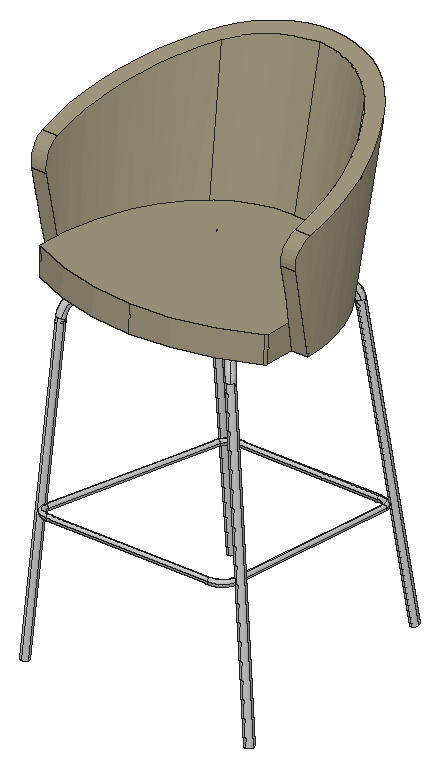
Revit family "FU_Stool_Sandler_Kicca 366", category Furniture, Revit 2020
Family settings
  OmniClass Number = 23.40.20.00
  OmniClass Title = General Furniture and Specialties
  Work Plane-Based = No
  Always vertical = Yes
  Cut with Voids When Loaded = No
  Shared = No
  Room Calculation Point = No
Parameters (values of type "Kicca 366")
  Width = 620 mm
  URL = "https://www.sandlerseating.com/product/kicca-366/"
  Seat = Fabric - Mainline Flax - Greenwich MLF32
  Model = "Kicca 366"
  Manufacturer = "Sandler"
  Height = 1100 mm
  Frame = Metal - Chrome - Polished
  Description = "Upholstered barstool with 4-legged steel frame."
  Depth = 570 mm
  Default Elevation = 0 mm
Reference planes
  plane 1 "Center (Front/Back)": y = 0
  plane 2: z = 0
  plane 3 "Center (Left/Right)": x = 0
  plane 4 "Right": x = -310
  plane 5 "Left": x = 310
  plane 6 "Back": y = 285
  plane 7 "Front": y = -285
  plane 8 "Height": z = 1100
  plane 9 "Seat height": z = 800
  plane 10 "Stretcher Angle RIGHT": through (4267.2, -277.654, 313.949) normal (0, 0.1299, 0.9915)
  plane 11 "Front Legs Angle RIGHT": through (4267.2, -255.615, 10.882) normal (0, -0.9994, 0.0332)
  plane 12 "Back Leg Angle Right": through (4267.2, 258.984, 9.029) normal (0, -0.9886, -0.1508)
  plane 13 "Front Right ANgle FRONT": through (-192.311, -1524, 691.566) normal (0.9962, 0, -0.0872)
  plane 14 "Front Left Angle FRONT": through (192.311, -1524, 691.566) normal (0.9962, 0, 0.0872)
  plane 15 "Back Right Leg Angle FRONT": through (-167.224, -1524, 682.098) normal (0.9986, 0, -0.0523)
  plane 16 "Back Left Leg Angle FRONT": through (167.224, -1524, 682.098) normal (0.9986, 0, 0.0523)
  plane 17 "Frame Top RIGHT": through (4267.2, -199.429, 732.569) normal (0, 0.0372, 0.9993)
  plane 18 "FRL H FRONT": z = 691.825
  plane 19 "FRL V FRONT": x = -188.493
  plane 20 "Seat base": through (4267.2, -277.142, 743.663) normal (0, 0.0372, 0.9993)
Forms (mm)
  Sweep 1, solid, material "Metal - Chrome - Polished" <- "Frame"
    path origin (0, -255.694, 8.5) x (0, -0.033226, -0.999448) y (1, 0, 0)
      loop
        line (8.942, -249.165) -> (-683.41, -188.559)
    profile "Pro_Circles : 18mm" origin (-218.862, -244.489, 345.548) x (-0.996191, 0.002897, 0.087155) y (0, -0.999448, 0.033226)
      loop
        arc (-8.967, 0.067) -> (-6.408, -6.313) -> (-0.067, -8.967) r 8.901
        arc (-0.067, -8.967) -> (6.361, -6.361) -> (8.967, 0.067) r 8.901
        arc (8.967, 0.067) -> (6.313, 6.407) -> (-0.067, 8.967) r 8.901
        arc (-0.067, 8.967) -> (-6.36, 6.36) -> (-8.967, 0.067) r 8.9
  Sweep 2, solid, material "Metal - Chrome - Polished" <- "Frame"
    path origin (0, 254.443, 38.804) x (0, 0.150763, -0.98857) y (1, 0, 0)
      loop
        line (39.116, -203.403) -> (-649.916, -166.875)
    profile "Pro_Circles : 18mm" origin (-185.139, 208.4, 340.713) x (-0.998598, -0.007981, 0.052334) y (0, -0.98857, -0.150763)
      loop
        arc (-8.967, 0.067) -> (-6.408, -6.313) -> (-0.067, -8.967) r 8.901
        arc (-0.067, -8.967) -> (6.361, -6.361) -> (8.967, 0.067) r 8.901
        arc (8.967, 0.067) -> (6.313, 6.407) -> (-0.067, 8.967) r 8.901
        arc (-0.067, 8.967) -> (-6.36, 6.36) -> (-8.967, 0.067) r 8.9
  Sweep 3, solid, material "Metal - Chrome - Polished" <- "Frame"
    path origin (0, -255.694, 8.5) x (0, -0.033226, -0.999448) y (-1, 0, 0)
      loop
        line (8.942, -249.165) -> (-683.41, -188.559)
    profile "Pro_Circles : 18mm" origin (218.862, -244.489, 345.548) x (-0.996191, -0.002897, -0.087155) y (0, -0.999448, 0.033226)
      loop
        arc (8.967, 0.067) -> (6.36, 6.36) -> (0.067, 8.967) r 8.9
        arc (0.067, 8.967) -> (-6.313, 6.407) -> (-8.967, 0.067) r 8.901
        arc (-8.967, 0.067) -> (-6.361, -6.361) -> (0.067, -8.967) r 8.901
        arc (0.067, -8.967) -> (6.408, -6.313) -> (8.967, 0.067) r 8.901
  Sweep 4, solid, material "Metal - Chrome - Polished" <- "Frame"
    path origin (0, 254.443, 38.804) x (0, 0.150763, -0.98857) y (-1, 0, 0)
      loop
        line (39.116, -203.403) -> (-649.916, -166.875)
    profile "Pro_Circles : 18mm" origin (185.139, 208.4, 340.713) x (-0.998598, 0.007981, -0.052334) y (0, -0.98857, -0.150763)
      loop
        arc (8.967, 0.067) -> (6.36, 6.36) -> (0.067, 8.967) r 8.9
        arc (0.067, 8.967) -> (-6.313, 6.407) -> (-8.967, 0.067) r 8.901
        arc (-8.967, 0.067) -> (-6.361, -6.361) -> (0.067, -8.967) r 8.901
        arc (0.067, -8.967) -> (6.408, -6.313) -> (8.967, 0.067) r 8.901
  Sweep 5, solid, material "Metal - Chrome - Polished" <- "Frame"
    path origin (0, 35.74, 272.906) x (0, -0.991533, 0.129853) y (1, 0, 0)
      loop
        arc (286.634, -209.378) -> (308.437, -200.346) -> (317.469, -178.543) r 30.835
        line (317.469, -178.543) -> (317.469, 179.439)
        arc (317.469, 179.439) -> (308.686, 200.642) -> (287.483, 209.425) r 29.986
        line (287.483, 209.425) -> (-163.095, 184.37)
        arc (-163.095, 184.37) -> (-182.706, 174.751) -> (-190.637, 154.399) r 30.078
        line (-190.637, 154.399) -> (-190.637, -154.399)
        arc (-190.637, -154.399) -> (-182.706, -174.751) -> (-163.095, -184.37) r 30.078
        line (-163.095, -184.37) -> (286.634, -209.378)
    profile "Pro_Circles : 12mm" origin (-196.874, -25.506, 280.927) x (-0.998458, 0.055051, -0.00721) y (0, 0.129853, 0.991533)
      loop
        arc (-5.967, 0.067) -> (-4.287, -4.192) -> (-0.067, -5.967) r 5.901
        arc (-0.067, -5.967) -> (4.24, -4.24) -> (5.967, 0.067) r 5.902
        arc (5.967, 0.067) -> (4.192, 4.286) -> (-0.067, 5.967) r 5.901
        arc (-0.067, 5.967) -> (-4.238, 4.238) -> (-5.967, 0.067) r 5.9
  Sweep 6, solid, material "Metal - Chrome - Polished" <- "Frame"
    path origin (0, 26.929, 724.151) x (0, -0.999309, 0.037161) y (1, 0, 0)
      loop
        line (-96.902, -136.768) -> (10.354, -22.45)
        arc (10.354, -22.45) -> (40.353, -8.689) -> (71.42, -19.83) r 43.704
        line (71.42, -19.83) -> (226.494, -159.63)
    profile "Pro_Circles : 18mm" origin (-79.609, 70.173, 722.543) x (0.684221, 0.728771, -0.027101) y (0, 0.037161, 0.999309)
      loop
        arc (-8.967, 0.067) -> (-6.408, -6.313) -> (-0.067, -8.967) r 8.901
        arc (-0.067, -8.967) -> (6.361, -6.361) -> (8.967, 0.067) r 8.901
        arc (8.967, 0.067) -> (6.313, 6.407) -> (-0.067, 8.967) r 8.901
        arc (-0.067, 8.967) -> (-6.36, 6.36) -> (-8.967, 0.067) r 8.9
  Sweep 7, solid, material "Metal - Chrome - Polished" <- "Frame"
    path origin (0, 26.929, 724.151) x (0, -0.999309, 0.037161) y (-1, 0, 0)
      loop
        line (-96.902, -136.768) -> (10.354, -22.45)
        arc (10.354, -22.45) -> (40.353, -8.689) -> (71.42, -19.83) r 43.704
        line (71.42, -19.83) -> (226.494, -159.63)
    profile "Pro_Circles : 18mm" origin (79.609, 70.173, 722.543) x (0.684221, -0.728771, 0.027101) y (0, 0.037161, 0.999309)
      loop
        arc (8.967, 0.067) -> (6.36, 6.36) -> (0.067, 8.967) r 8.9
        arc (0.067, 8.967) -> (-6.313, 6.407) -> (-8.967, 0.067) r 8.901
        arc (-8.967, 0.067) -> (-6.361, -6.361) -> (0.067, -8.967) r 8.901
        arc (0.067, -8.967) -> (6.408, -6.313) -> (8.967, 0.067) r 8.901
  Sweep 8, solid, material "Metal - Chrome - Polished" <- "Frame"
    path origin (9.039, -4.129, -1.25) x (0.65467, 0.755915, 0) y (0, 0, 1)
      loop
        line (-302.833, 681.52) -> (-301.961, 691.482)
        arc (-301.961, 691.482) -> (-286.821, 721.72) -> (-255.085, 733.401) r 45.936
        line (-255.085, 733.401) -> (-245.099, 732.878)
    profile "Pro_Circles : 18mm" origin (-188.932, -232.715, 685.251) x (-0.652179, -0.753038, 0.087156) y (0.755915, -0.65467, 0)
      loop
        arc (-8.967, 0.067) -> (-6.408, -6.313) -> (-0.067, -8.967) r 8.901
        arc (-0.067, -8.967) -> (6.361, -6.361) -> (8.967, 0.067) r 8.901
        arc (8.967, 0.067) -> (6.313, 6.407) -> (-0.067, 8.967) r 8.901
        arc (-0.067, 8.967) -> (-6.36, 6.36) -> (-8.967, 0.067) r 8.9
  Sweep 9, solid, material "Metal - Chrome - Polished" <- "Frame"
    path origin (-9.039, -4.129, -1.25) x (-0.65467, 0.755915, 0) y (0, 0, -1)
      loop
        line (-302.833, -681.52) -> (-301.961, -691.482)
        arc (-301.961, -691.482) -> (-286.821, -721.72) -> (-255.085, -733.401) r 45.936
        line (-255.085, -733.401) -> (-245.099, -732.878)
    profile "Pro_Circles : 18mm" origin (188.932, -232.715, 685.251) x (-0.652179, 0.753038, -0.087156) y (-0.755915, -0.65467, 0)
      loop
        arc (8.967, 0.067) -> (6.36, 6.36) -> (0.067, 8.967) r 8.9
        arc (0.067, 8.967) -> (-6.313, 6.407) -> (-8.967, 0.067) r 8.901
        arc (-8.967, 0.067) -> (-6.361, -6.361) -> (0.067, -8.967) r 8.901
        arc (0.067, -8.967) -> (6.408, -6.313) -> (8.967, 0.067) r 8.901
  Sweep 10, solid, material "Metal - Chrome - Polished" <- "Frame"
    path origin (-39.13, -64.343, -12.5) x (-0.679717, -0.733474, 0) y (0, 0, 1)
      loop
        line (-302.833, 681.52) -> (-301.961, 691.482)
        arc (-301.961, 691.482) -> (-286.821, 721.72) -> (-255.085, 733.401) r 45.936
        line (-255.085, 733.401) -> (-245.099, 732.878)
    profile "Pro_Circles : 18mm" origin (166.414, 157.457, 674.001) x (0.677131, 0.730683, 0.087156) y (-0.733474, 0.679717, 0)
      loop
        arc (-8.967, 0.067) -> (-6.408, -6.313) -> (-0.067, -8.967) r 8.901
        arc (-0.067, -8.967) -> (6.361, -6.361) -> (8.967, 0.067) r 8.901
        arc (8.967, 0.067) -> (6.313, 6.407) -> (-0.067, 8.967) r 8.901
        arc (-0.067, 8.967) -> (-6.36, 6.36) -> (-8.967, 0.067) r 8.9
  Sweep 11, solid, material "Metal - Chrome - Polished" <- "Frame"
    path origin (39.13, -64.343, -12.5) x (0.679717, -0.733474, 0) y (0, 0, -1)
      loop
        line (-302.833, -681.52) -> (-301.961, -691.482)
        arc (-301.961, -691.482) -> (-286.821, -721.72) -> (-255.085, -733.401) r 45.936
        line (-255.085, -733.401) -> (-245.099, -732.878)
    profile "Pro_Circles : 18mm" origin (-166.414, 157.457, 674.001) x (0.677131, -0.730683, -0.087156) y (0.733474, 0.679717, 0)
      loop
        arc (8.967, 0.067) -> (6.36, 6.36) -> (0.067, 8.967) r 8.9
        arc (0.067, 8.967) -> (-6.313, 6.407) -> (-8.967, 0.067) r 8.901
        arc (-8.967, 0.067) -> (-6.361, -6.361) -> (0.067, -8.967) r 8.901
        arc (0.067, -8.967) -> (6.408, -6.313) -> (8.967, 0.067) r 8.901
  SweptBlend 12, solid, material "Fabric - Mainline Flax - Greenwich MLF32" <- "Seat"
    path origin (0, 0, 0) x (0, 1, 0) y (0, 0, 1)
      loop
        line (181.357, 633.473) -> (286.148, 1101.895)
    profile "Pro_Kica_Back_Base : Pro_Kica_Back_Base" origin (0, 181.357, 633.473) x (0, -0.975878, 0.218315) y (1, 0, 0)
      loop
        arc (33.233, 0) -> (47.234, 72.081) -> (85.061, 135.016) r 211.263
        arc (85.061, 135.016) -> (231.256, 230.404) -> (404.501, 251.804) r 386.802
        line (404.501, 251.804) -> (404.501, 283.54)
        arc (404.501, 283.54) -> (211.471, 262.364) -> (52.124, 151.38) r 393.137
        arc (52.124, 151.38) -> (14.694, 79.604) -> (0, 0) r 272.498
        arc (0, 0) -> (14.694, -79.604) -> (52.124, -151.38) r 272.498
        arc (52.124, -151.38) -> (211.471, -262.364) -> (404.501, -283.54) r 393.137
        line (404.501, -283.54) -> (404.501, -251.804)
        arc (404.501, -251.804) -> (231.256, -230.404) -> (85.061, -135.016) r 386.802
        arc (85.061, -135.016) -> (47.234, -72.081) -> (33.233, 0) r 211.263
    end profile "Pro_Kica_Back_Top : Pro_Kica_Back_Top" origin (0, 286.148, 1101.895) x (0, -0.975878, 0.218315) y (1, 0, 0)
      loop
        arc (32.528, 0) -> (51.499, 88.387) -> (101.901, 163.431) r 239.326
        arc (101.901, 163.431) -> (266.83, 255.445) -> (455.136, 269.914) r 440.391
        line (455.136, 269.914) -> (455.136, 303.653)
        arc (455.136, 303.653) -> (250.154, 286.066) -> (73.556, 180.52) r 457.956
        arc (73.556, 180.52) -> (20.404, 97.059) -> (1.16, 0) r 267.996
        arc (1.16, 0) -> (20.404, -97.059) -> (73.556, -180.52) r 267.996
        arc (73.556, -180.52) -> (250.154, -286.066) -> (455.136, -303.653) r 457.956
        line (455.136, -303.653) -> (455.136, -269.914)
        arc (455.136, -269.914) -> (266.83, -255.445) -> (101.901, -163.431) r 440.391
        arc (101.901, -163.431) -> (51.499, -88.387) -> (32.528, 0) r 239.326
  Extrusion 13, void
    sketch origin (0, 0, 0) x (0, 1, 0) y (0, 0, 1)
      loop
        line (285, 724.424) -> (285, 1100.394) -> (-145.712, 984.985)
        arc (-145.712, 984.985) -> (-175.288, 963) -> (-181.767, 926.722) r 50
        line (-181.767, 926.722) -> (-143.513, 738.67) -> (285, 724.424)
      loop
        line (-229.627, 1243.815) -> (-229.627, 623.815) -> (305.373, 623.815) -> (305.373, 1243.815) -> (-229.627, 1243.815)
    from -330 to 330
  Extrusion 14, solid, material "Fabric - Mainline Flax - Greenwich MLF32" <- "Seat"
    sketch origin (0, 27.234, 732.344) x (0, -0.999309, 0.037161) y (1, 0, 0)
      loop
        arc (-141.38, 0) -> (-127.875, -70.263) -> (-93.057, -132.767) r 225.694
        arc (-93.057, -132.767) -> (-38.698, -184.135) -> (28.163, -217.646) r 256.598
        arc (28.163, -217.646) -> (130.45, -246.661) -> (236.587, -252.951) r 490.455
        arc (236.587, -252.951) -> (240.475, -251.72) -> (243.255, -248.737) r 8.019
        arc (243.255, -248.737) -> (290.183, -128.246) -> (306.715, 0) r 533.019
        arc (306.715, 0) -> (290.183, 128.246) -> (243.255, 248.737) r 533.019
        arc (243.255, 248.737) -> (240.475, 251.72) -> (236.587, 252.951) r 8.019
        arc (236.587, 252.951) -> (130.45, 246.661) -> (28.163, 217.646) r 490.455
        arc (28.163, 217.646) -> (-38.698, 184.135) -> (-93.057, 132.767) r 256.598
        arc (-93.057, 132.767) -> (-127.875, 70.263) -> (-141.38, 0) r 225.694
    from 0 to 58
Cuts and joins
  Extrusion 13 cuts SweptBlend 12
Dimensions and locks
  equal spacing: plane 4 "Right", plane 3 "Center (Left/Right)", plane 5 "Left"
  "Width": plane 4 "Right" to plane 5 "Left"
  equal spacing: plane 6 "Back", plane 1 "Center (Front/Back)", plane 7 "Front"
  "Depth": plane 6 "Back" to plane 7 "Front"
  "Height": plane 8 "Height" to level
  plane 9 "Seat height" to level = 800 mm
  aligned and locked: level to plane 2
Automatic sketch dimensions
  plane 19 "FRL V FRONT" to Sweep 1 sketch curve = 0.066 mm
  plane 19 "FRL V FRONT" to Sweep 1 sketch curve = 60.673 mm
  Sweep 1 sketch curve to Sweep 1 sketch curve = 692.352 mm
  Sweep 2 sketch curve to plane 19 "FRL V FRONT" = 21.618 mm
  plane 19 "FRL V FRONT" to Sweep 2 sketch curve = 14.91 mm
  Sweep 2 sketch curve to Sweep 2 sketch curve = 689.032 mm
  Sweep 3 sketch curve to plane 5 "Left" = 121.441 mm
  Sweep 3 sketch curve to plane 5 "Left" = 60.835 mm
  Sweep 3 sketch curve to Sweep 3 sketch curve = 692.352 mm
  Sweep 4 sketch curve to plane 5 "Left" = 143.125 mm
  Sweep 4 sketch curve to plane 5 "Left" = 106.597 mm
  Sweep 4 sketch curve to Sweep 4 sketch curve = 689.032 mm
  Sweep 5 sketch curve to plane 19 "FRL V FRONT" = 34.094 mm
  plane 5 "Left" to Sweep 5 sketch curve = 125.63 mm
  Sweep 5 sketch curve to Sweep 5 sketch curve = 27.542 mm  (x2)
  Sweep 5 sketch curve to plane 19 "FRL V FRONT" = 4.123 mm
  Sweep 5 sketch curve to Sweep 5 sketch curve = 30.078 mm
  Sweep 5 sketch curve to plane 19 "FRL V FRONT" = 9.95 mm
  Sweep 5 sketch curve to Sweep 5 sketch curve = 447.193 mm
  plane 5 "Left" to Sweep 5 sketch curve = 100.575 mm
  Sweep 5 sketch curve to Sweep 5 sketch curve = 0.849 mm
  Sweep 5 sketch curve to Sweep 5 sketch curve = 29.986 mm
  Sweep 6 sketch curve to plane 3 "Center (Left/Right)" = 22.45 mm
  Sweep 6 sketch curve to Sweep 6 sketch curve = 31.872 mm
  Sweep 6 sketch curve to plane 3 "Center (Left/Right)" = 19.83 mm
  Sweep 6 sketch curve to Sweep 6 sketch curve = 29.194 mm
  Sweep 6 sketch curve to plane 19 "FRL V FRONT" = 51.725 mm
  Sweep 6 sketch curve to Sweep 6 sketch curve = 107.255 mm
  Sweep 6 sketch curve to plane 19 "FRL V FRONT" = 28.863 mm
  Sweep 6 sketch curve to Sweep 6 sketch curve = 155.074 mm
  Sweep 7 sketch curve to plane 3 "Center (Left/Right)" = 22.45 mm
  Sweep 7 sketch curve to Sweep 7 sketch curve = 31.872 mm
  Sweep 7 sketch curve to plane 3 "Center (Left/Right)" = 19.83 mm
  Sweep 7 sketch curve to Sweep 7 sketch curve = 29.194 mm
  Sweep 7 sketch curve to plane 3 "Center (Left/Right)" = 136.768 mm
  Sweep 7 sketch curve to Sweep 7 sketch curve = 107.255 mm
  Sweep 7 sketch curve to plane 5 "Left" = 150.37 mm
  Sweep 7 sketch curve to Sweep 7 sketch curve = 155.074 mm
  plane 18 "FRL H FRONT" to Sweep 8 sketch curve = 1.593 mm
  plane 18 "FRL H FRONT" to Sweep 8 sketch curve = 5.597 mm
  Sweep 8 sketch curve to Sweep 8 sketch curve = 45.761 mm
  Sweep 8 sketch curve to plane 18 "FRL H FRONT" = 40.326 mm
  plane 18 "FRL H FRONT" to Sweep 8 sketch curve = 11.555 mm
  Sweep 8 sketch curve to Sweep 8 sketch curve = 0.872 mm
  Sweep 8 sketch curve to plane 18 "FRL H FRONT" = 39.802 mm
  Sweep 8 sketch curve to Sweep 8 sketch curve = 9.986 mm
  plane 18 "FRL H FRONT" to Sweep 9 sketch curve = 1.593 mm
  plane 18 "FRL H FRONT" to Sweep 9 sketch curve = 5.597 mm
  Sweep 9 sketch curve to Sweep 9 sketch curve = 45.761 mm
  Sweep 9 sketch curve to plane 18 "FRL H FRONT" = 40.326 mm
  plane 18 "FRL H FRONT" to Sweep 9 sketch curve = 11.555 mm
  Sweep 9 sketch curve to Sweep 9 sketch curve = 0.872 mm
  Sweep 9 sketch curve to plane 18 "FRL H FRONT" = 39.802 mm
  Sweep 9 sketch curve to Sweep 9 sketch curve = 9.986 mm
  plane 18 "FRL H FRONT" to Sweep 10 sketch curve = 12.843 mm
  plane 18 "FRL H FRONT" to Sweep 10 sketch curve = 16.847 mm
  Sweep 10 sketch curve to Sweep 10 sketch curve = 45.761 mm
  Sweep 10 sketch curve to plane 18 "FRL H FRONT" = 29.076 mm
  plane 18 "FRL H FRONT" to Sweep 10 sketch curve = 22.805 mm
  Sweep 10 sketch curve to Sweep 10 sketch curve = 0.872 mm
  Sweep 10 sketch curve to plane 18 "FRL H FRONT" = 28.552 mm
  Sweep 10 sketch curve to Sweep 10 sketch curve = 9.986 mm
  plane 18 "FRL H FRONT" to Sweep 11 sketch curve = 12.843 mm
  plane 18 "FRL H FRONT" to Sweep 11 sketch curve = 16.847 mm
  Sweep 11 sketch curve to Sweep 11 sketch curve = 45.761 mm
  Sweep 11 sketch curve to plane 18 "FRL H FRONT" = 29.076 mm
  plane 18 "FRL H FRONT" to Sweep 11 sketch curve = 22.805 mm
  Sweep 11 sketch curve to Sweep 11 sketch curve = 0.872 mm
  Sweep 11 sketch curve to plane 18 "FRL H FRONT" = 28.552 mm
  Sweep 11 sketch curve to Sweep 11 sketch curve = 9.986 mm
  SweptBlend 12 sketch curve to plane 6 "Back" = 103.643 mm
  plane 18 "FRL H FRONT" to SweptBlend 12 sketch curve = 58.352 mm
  plane 6 "Back" to SweptBlend 12 sketch curve = 1.148 mm
  plane 8 "Height" to SweptBlend 12 sketch curve = 1.895 mm
  plane 11 "Front Legs Angle RIGHT" to Extrusion 13 sketch curve = 14.992 mm
  Extrusion 13 sketch curve to plane 6 "Back" = 0 mm
  plane 1 "Center (Front/Back)" to Extrusion 13 sketch curve = 132.771 mm
  Extrusion 13 sketch curve to plane 18 "FRL H FRONT" = 46.844 mm
  plane 7 "Front" to Extrusion 13 sketch curve = 141.487 mm
  Extrusion 13 sketch curve to Extrusion 13 sketch curve = 12.941 mm
  Extrusion 13 sketch curve to Extrusion 13 sketch curve = 48.996 mm
  plane 7 "Front" to Extrusion 13 sketch curve = 55.373 mm
  plane 6 "Back" to Extrusion 13 sketch curve = 20.373 mm
  Extrusion 13 sketch curve to plane 18 "FRL H FRONT" = 32.599 mm
  plane 18 "FRL H FRONT" to Extrusion 13 sketch curve = 68.01 mm
  plane 9 "Seat height" to Extrusion 13 sketch curve = 126.722 mm
  Extrusion 13 sketch curve to Extrusion 13 sketch curve = 9.967 mm
  plane 8 "Height" to Extrusion 13 sketch curve = 0.394 mm
  Extrusion 14 sketch curve to plane 3 "Center (Left/Right)" = 0 mm  (x2)
  plane 3 "Center (Left/Right)" to Extrusion 14 sketch curve = 3.522 mm
  Extrusion 14 sketch curve to plane 3 "Center (Left/Right)" = 3.522 mm
  Extrusion 14 sketch curve to Extrusion 14 sketch curve = 0 mm  (x7)
  plane 3 "Center (Left/Right)" to Extrusion 14 sketch curve = 6.929 mm
  Extrusion 14 sketch curve to Extrusion 14 sketch curve = 310.499 mm
  Extrusion 14 sketch curve to plane 3 "Center (Left/Right)" = 6.929 mm
  Extrusion 14 sketch curve to plane 3 "Center (Left/Right)" = 26.058 mm
  Extrusion 14 sketch curve to Extrusion 14 sketch curve = 24.273 mm  (x2)
  plane 3 "Center (Left/Right)" to Extrusion 14 sketch curve = 26.058 mm
  plane 19 "FRL V FRONT" to Extrusion 14 sketch curve = 48.413 mm
  Extrusion 14 sketch curve to Extrusion 14 sketch curve = 103.881 mm  (x2)
  plane 5 "Left" to Extrusion 14 sketch curve = 73.095 mm
  Extrusion 14 sketch curve to Extrusion 14 sketch curve = 23.83 mm  (x2)
  Extrusion 14 sketch curve to Extrusion 14 sketch curve = 8.037 mm  (x2)
  Extrusion 14 sketch curve to Extrusion 14 sketch curve = 84.912 mm
  plane 19 "FRL V FRONT" to Extrusion 14 sketch curve = 29.154 mm
  plane 5 "Left" to Extrusion 14 sketch curve = 92.354 mm
